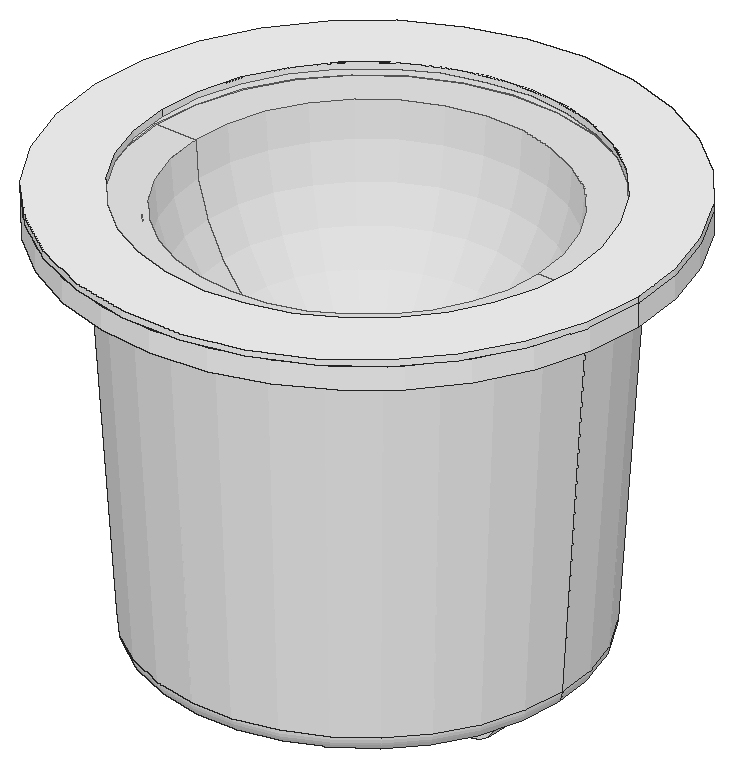
Revit family "2058888 Feilo Sylvania Lighting Fixture MYRD IP ST 4K PHDM BLK WBEZ", category Lighting Fixtures, host Face, Revit 2017
Family settings
  Host = Face
  Round Connector Dimension = Use Diameter
  Part Type = Normal
  OmniClass Number = 23.80.70.11.17
  OmniClass Title = Specialized Lighting by Location or Use
  Cut with Voids When Loaded = No
  Light Source = Yes
  Shared = No
  Room Calculation Point = No
Parameters
  Weight = "0.44 kg"
  Wattage = 10 W
  WarrantyStartDate [instance] = "n/a"
  WarrantyGuarantorParts = "n/a"
  WarrantyDurationUnit = "n/a"
  WarrantyDurationParts = "n/a"
  WarrantyDescription = "n/a"
  built-in parameter 1150110 = 1 (stored number, unit not read)
  Voltage = 230 V
  URL = "http://www.sylvania-lighting.com"
  TypeName = "MYRD IP ST 4K PHDM BLK WBEZ"
  Type Image = 0
  Type Comments = ""
  built-in parameter 1114217 = 1 (stored number, unit not read)
  Tilt Angle = -90°
  built-in parameter 1150109 = 1 (stored number, unit not read)
  built-in parameter 1150134 = 12
  built-in parameter 1150113 = 1 (stored number, unit not read)
  SerialNumber [instance] = "n/a"
  Reflector Radius = Cutout Diameter / 2 - 2.5 mm  # 35.0 mm
  Reflector Material = Aluminum_Sylvania_Myriad_Bright
  Recessed Depth = Height  # 72.0 mm
  PowerFactor = 0
  PowerConsumption = "10 W"
  Photometric Web File = ""
  NominalWidth = 0.0 mm
  NominalLength = 76.0 mm
  NominalHeight = 72.0 mm
  Name = "MYRD IP ST 4K PHDM BLK WBEZ"
  ModelReference = "MYRD IP ST 4K PHDM BLK WBEZ"
  ModelNumber = "2058888"
  Material = "Aluminium"
  ManufacturerName = "Feilo Sylvania"
  LuminousEfficacy = "113 lm/W"
  LuminaireType = "Ceiling recessed"
  LightOutputRatio = "1"
  LampsType = Lamp  # "LED"
  LampNominalLuminous = "1132 lm"
  LampMacAdamStep = "n/a"
  LampColourTemperature = "4000 K"
  LampColourRenderingIndex = "n/a"
  Keynote = "16500"
  Keynote_2 = "16500"
  InstallationDate [instance] = "n/a"
  InputVoltage = "230-240V~"
  InputNominalFrequency = "50/60 Hz"
  IngressProtection = "IP65"
  ImpactProtectionIndex = "IK02"
  IfcExportType = "IfcLightFixtureType"
  IfcExportAs = "IfcLightFixtureType"
  Height = 72.0 mm  # constant formula
  ExpectedLife = 50000
  Emit from Circle Diameter = Accessory Inner Diameter 2  # 68.0 mm
  Emit Shape Visible in Rendering = no
  ElectricShockClassification = "Class II"
  DurationUnit = "hours"
  DocumentationLiterature = "http://www.sylvania-lighting.com/product/en-int/products/2058888"
  DimmingControlOptions = "Dimmable"
  Diffuser Material = Glass_Sylvania_Myriad_Clear_4000K
  Diffuser Diameter = Cutout Diameter  # 75.0 mm
  Cutout Diameter = 75.0 mm  # constant formula
  CreatedOn = "03-11-2017"
  CreatedBy = ""
  Cost = 0
  built-in parameter 1114216 [instance] = 1 (stored number, unit not read)
  built-in parameter 1150142 = (empty or 0)
  Model = "MYRD IP ST 4K PHDM BLK WBEZ"
  Manufacturer = "Feilo Sylvania"  # constant formula
  built-in parameter 1150105 = 89.923 (stored number, unit not read)
  Lumens = 1130 lm
  built-in parameter 1150115 = 1 (stored number, unit not read)
  built-in parameter 1150137 = (empty or 0)
  built-in parameter 1150139 = (empty or 0)
  built-in parameter 1150112 = 1 (stored number, unit not read)
  built-in parameter 1150114 = 1 (stored number, unit not read)
  Lamp = "LED"
  built-in parameter 1150132 = (empty or 0)
  built-in parameter 1150102 = (empty or 0)
  built-in parameter 1150107 = 4000 (stored number, unit not read)
  built-in parameter 1150138 = (empty or 0)
  built-in parameter 1150106 = 0.89923 (stored number, unit not read)
  built-in parameter 1150104 = 10.498 (stored number, unit not read)
  Dimming Lamp Color Temperature Shift = (empty or 0)
  Description = "Supplied complete with electronic control gear Compact Fluorescent low energy downlight Emergency version passes through the cut out Ideal for low level orientation lighting New range of Architectural accessories each providing a different lit dimension New completely flush plaster up accessory ring for clean ceiling lines and smooth finish Order lamp separately"  # constant formula
  Default Elevation = 0.0 mm
  Color Filter = 16777215
  built-in parameter 1140040 [instance] = 1
  Body Radius = Reflector Radius + 1.5 mm  # 36.5 mm
  Body Material = Aluminum_Sylvania_Myriad_Gray
  BarCode [instance] = "n/a"
  built-in parameter 1114218 = 1 (stored number, unit not read)
  built-in parameter 1150133 = 10 (stored number, unit not read)
  AssetType = "Fixed"
  AssetIdentifier [instance] = "n/a"
  Assembly Code = "D5020200"
  Apparent Load = 10 VA
  Accessory Material = Aluminum_Sylvania_Myriad_White
  Accessory Inner Diameter 2 = Accessory Diameter - 22.0 mm  # 68.0 mm
  Accessory Inner Diameter 1 = Accessory Diameter - 2.0 mm  # 88.0 mm
  Accessory Diameter = Cutout Diameter + 15.0 mm  # 90.0 mm
Reference planes
  plane 1 "Center (Front/Back)": y = 0
  plane 2: z = 0
  plane 3 "Center (Left/Right)": x = 0
  plane 4: z = 2
  plane 5 "Fixture Bottom": z = 4.5
  plane 6: z = -28.5
  plane 7: z = -61.5
  plane 8 "Fixture Top": z = -67.5
  plane 9: z = 3.5
Forms (mm)
  Revolve 1, solid, material "Aluminum_Sylvania_Myriad_Bright" <- "Reflector Material", detail levels fine
    sketch origin (0, 0, 0) x (1, 0, 0) y (0, 0, 1)
      loop
        line (0, -27.515) -> (-6, -27.515)
        arc (-6, -27.515) -> (-22.333, -16.632) -> (-28.5, 2) r 30.135
        line (-28.5, 2) -> (-35, 2) -> (-35, 0) -> (-29.184, 0)
        arc (-29.184, 0) -> (-22.423, -18.18) -> (-6, -28.5) r 30.204
        line (-6, -28.5) -> (0, -28.5) -> (0, -27.515)
      axis (0, -28.5) -> (0, 2)
    angle from 0 to 360
  Revolve 2, solid, material "Aluminum_Sylvania_Myriad_Gray" <- "Body Material", detail levels fine
    sketch origin (0, 0, 0) x (1, 0, 0) y (0, 0, 1)
      loop
        line (-44, 2) -> (-44, 0) -> (-36.5, 0) -> (-32.42, -58.708)
        arc (-32.42, -58.708) -> (-31.474, -60.694) -> (-29.428, -61.5) r 3
        line (-29.428, -61.5) -> (0, -61.5) -> (0, -28.5) -> (-6, -28.5)
        arc (-6, -28.5) -> (-22.423, -18.18) -> (-29.184, 0) r 30.204
        line (-29.184, 0) -> (-35, 0) -> (-35, 2) -> (-44, 2)
      axis (0, 2) -> (0, -61.5)
    angle from 0 to 360
  Extrusion 3, solid, material "Aluminum_Sylvania_Myriad_Gray" <- "Body Material", detail levels fine
    sketch origin (0, 0, 0) x (1, 0, 0) y (0, 0, 1)
      loop
        line (-13.5, -67.5) -> (21, -67.5)
        arc (21, -67.5) -> (23.828, -66.328) -> (25, -63.5) r 4
        line (25, -63.5) -> (25, -61.5) -> (-17.5, -61.5) -> (-17.5, -63.5)
        arc (-17.5, -63.5) -> (-16.328, -66.328) -> (-13.5, -67.5) r 4
    from -4.5 to 4.5
  Extrusion 4, solid, material "Aluminum_Sylvania_Myriad_White" <- "Accessory Material", detail levels fine
    sketch origin (0, 0, 0) x (1, 0, 0) y (0, 1, 0)
      loop
        circle (0, 0) r 45
      loop
        circle (0, 0) r 44
    from 0 to 3.5
  Extrusion 5, solid, material "Aluminum_Sylvania_Myriad_White" <- "Accessory Material", detail levels fine
    sketch origin (0, 0, 0) x (1, 0, 0) y (0, 1, 0)
      loop
        circle (0, 0) r 45
      loop
        circle (0, 0) r 34
    from 3.5 to 4.5
  Extrusion 6, solid, material "Aluminum_Sylvania_Myriad_White" <- "Accessory Material", detail levels coarse+medium
    sketch origin (0, 0, 0) x (1, 0, 0) y (0, 1, 0)
      loop
        circle (0, 0) r 45
    from 0 to 4.5
  Revolve 7, solid, detail levels coarse+medium
    sketch origin (0, 0, 0) x (1, 0, 0) y (0, 0, 1)
      loop
        line (36.5, 0) -> (0, 0) -> (0, -61.5) -> (32.226, -61.5) -> (36.5, 0)
      axis (0, 0) -> (0, -61.5)
    angle from 0 to 360
  Extrusion 8, void
    sketch origin (0, 0, 0) x (1, 0, 0) y (0, 1, 0)
      loop
        circle (0, 0) r 37.5
    from -67.5 to 0
  Extrusion 9, solid, material "Glass_Sylvania_Myriad_Clear_4000K" <- "Diffuser Material", detail levels fine
    sketch origin (0, 0, 0) x (1, 0, 0) y (0, 1, 0)
      loop
        circle (0, 0) r 37.5
    from 2 to 3.5
Cuts and joins
  joined: Extrusion 4, Extrusion 5
Lines and regions (mm)
  Masking region 1
    outline origin (0, 0, 0) x (1, 0, 0) y (0, 1, 0)
      loop
        circle (0, 0) r 45
  symbolic lines
    curve 1: arc (-34, 0, 0) -> (0, 34, 0) -> (34, 0, 0) r 34
    curve 2: arc (34, 0, 0) -> (0, -34, 0) -> (-34, 0, 0) r 34
Dimensions and locks
  locked: plane 7 to plane 8 "Fixture Top" at 6
  "Body Radius": Revolve 7 sketch curve to plane 3 "Center (Left/Right)"
  locked: Revolve 7 sketch curve to Revolve 7 sketch curve at 4.274
  plane 5 "Fixture Bottom" to plane 9 to plane 4 to plane 2 to plane 6 = 1.0 mm locked, 1.5 mm locked, 2.0 mm locked, 28.5 mm locked
  "Reflector Radius": Revolve 1 sketch curve to plane 3 "Center (Left/Right)"
  Revolve 1 sketch curve to Revolve 1 sketch curve to Revolve 1 sketch curve to Revolve 1 sketch curve = 6.5 mm locked, 22.5 mm locked, 0.0 mm locked
  "Reflector Radius": plane 3 "Center (Left/Right)" to Revolve 2 sketch curve
  Revolve 2 sketch curve to Revolve 2 sketch curve to Revolve 2 sketch curve = 7.5 mm locked, 1.5 mm locked
  Revolve 2 sketch curve to Revolve 2 sketch curve to Revolve 2 sketch curve = 5.816 mm locked, 23.184 mm locked
  Revolve 2 sketch curve to Revolve 2 sketch curve to Revolve 2 sketch curve = 2.58 mm locked, 2.993 mm locked
  "Accessory Diameter": diameter of Extrusion 4 sketch curve
  "Accessory Inner Diameter 1": diameter of Extrusion 4 sketch curve
  "Accessory Diameter": diameter of Extrusion 5 sketch curve
  "Accessory Diameter": diameter of Extrusion 6 sketch curve
  "Cutout Diameter": diameter of Extrusion 8 sketch curve
  "Accessory Inner Diameter 2": diameter of Extrusion 5 sketch curve
  "Diffuser Diameter": diameter of Extrusion 9 sketch curve
  aligned and locked: plane 2 to host face
  aligned and locked: level to host face
  aligned and locked: plane 1 "Center (Front/Back)" to imposter light
  aligned and locked: plane 3 "Center (Left/Right)" to imposter light
  aligned and locked: Revolve 1 sketch curve to imposter light
  aligned and locked: Extrusion 3 sketch curve to plane 8 "Fixture Top"
  aligned and locked: plane 7 to Extrusion 3 sketch curve
  aligned and locked: Extrusion 4 to plane 2
  aligned and locked: plane 9 to Extrusion 4
  aligned and locked: Extrusion 5 to plane 9
  aligned and locked: plane 5 "Fixture Bottom" to Extrusion 5
  aligned and locked: Extrusion 6 to plane 2
  aligned and locked: plane 5 "Fixture Bottom" to Extrusion 6
  aligned and locked: Extrusion 8 to plane 8 "Fixture Top"
  aligned and locked: plane 2 to Extrusion 8
  aligned and locked: Masking region 1 sketch curve to Extrusion 6  (x2)
  aligned and locked: Extrusion 9 to plane 4
  aligned and locked: plane 9 to Extrusion 9
  aligned and locked: plane 4 to Revolve 2 sketch curve
  aligned and locked: Revolve 2 sketch curve to plane 2
  aligned and locked: curve 1 to cut or joined group of Extrusion 4, Extrusion 5
  aligned and locked: curve 2 to cut or joined group of Extrusion 4, Extrusion 5
  aligned and locked: imposter light to plane 5 "Fixture Bottom"
Automatic sketch dimensions
  host sketch curve to host sketch curve = 1305.563 mm
  host sketch curve to host sketch curve = 1283.632 mm
  Extrusion 3 sketch curve to plane 7 = 2.0 mm
  Extrusion 3 sketch curve to plane 3 "Center (Left/Right)" = 13.5 mm
  plane 3 "Center (Left/Right)" to Extrusion 3 sketch curve = 21.0 mm
  Extrusion 3 sketch curve to Extrusion 3 sketch curve = 4.0 mm
  Revolve 1 sketch curve to level = 0.0 mm
  Revolve 1 sketch curve to plane 3 "Center (Left/Right)" = 0.0 mm
  Revolve 1 sketch curve to plane 6 = 0.0 mm
  Revolve 1 sketch curve to plane 4 = 0.0 mm
  Revolve 1 sketch curve to Revolve 1 sketch curve = 0.684 mm
  level to Revolve 1 sketch curve = 0.88 mm
  Revolve 1 sketch curve to plane 4 = 0.363 mm
  Revolve 1 sketch curve to Revolve 1 sketch curve = 0.625 mm
  Revolve 1 sketch curve to plane 8 "Fixture Top" = 232.8 mm
  plane 5 "Fixture Bottom" to Revolve 1 sketch curve = 291.243 mm
  Revolve 2 sketch curve to plane 3 "Center (Left/Right)" = 0.0 mm  (x2)
  Revolve 2 sketch curve to plane 7 = 0.0 mm
  Revolve 2 sketch curve to plane 6 = 0.0 mm
  Revolve 2 sketch curve to level = 0.0 mm
  level to Revolve 2 sketch curve = 0.88 mm
  plane 7 to Revolve 2 sketch curve = 2.792 mm
  Revolve 2 sketch curve to plane 8 "Fixture Top" = 304.774 mm
  plane 5 "Fixture Bottom" to Revolve 2 sketch curve = 1137.105 mm
  Extrusion 4 sketch curve to Extrusion 4 sketch curve = 0.0 mm  (x2)
  plane 1 "Center (Front/Back)" to Extrusion 4 sketch curve = 0.0 mm
  Extrusion 4 sketch curve to plane 3 "Center (Left/Right)" = 0.0 mm
  Extrusion 5 sketch curve to Extrusion 5 sketch curve = 0.0 mm  (x2)
  plane 1 "Center (Front/Back)" to Extrusion 5 sketch curve = 0.0 mm
  Extrusion 5 sketch curve to plane 3 "Center (Left/Right)" = 0.0 mm
  plane 1 "Center (Front/Back)" to Extrusion 6 sketch curve = 0.0 mm
  Extrusion 6 sketch curve to plane 3 "Center (Left/Right)" = 0.0 mm
  Revolve 7 sketch curve to level = 0.0 mm
  Revolve 7 sketch curve to plane 3 "Center (Left/Right)" = 0.0 mm  (x2)
  Revolve 7 sketch curve to plane 7 = 0.0 mm
  Revolve 7 sketch curve to plane 8 "Fixture Top" = 304.774 mm
  plane 5 "Fixture Bottom" to Revolve 7 sketch curve = 43.226 mm
  plane 1 "Center (Front/Back)" to Extrusion 8 sketch curve = 0.0 mm
  Extrusion 8 sketch curve to plane 3 "Center (Left/Right)" = 0.0 mm
  plane 1 "Center (Front/Back)" to Extrusion 9 sketch curve = 0.0 mm
  Extrusion 9 sketch curve to plane 3 "Center (Left/Right)" = 0.0 mm
Connectors
  electrical at (-0.006, -0.019, -67.5), driven by "Apparent Load", driven by "Apparent Load"
    settings: on plane 8 "Fixture Top", index 1, voltage 230 V, apparent load 10 VA, apparent load phase1 10 VA, apparent load phase2 0 VA, apparent load phase3 0 VA, power factor 1, load classification "Lighting", number of poles 1, system type 30, power factor state 1, is connector primary yes, connector utility no, sub classification motor no, connector description ""
